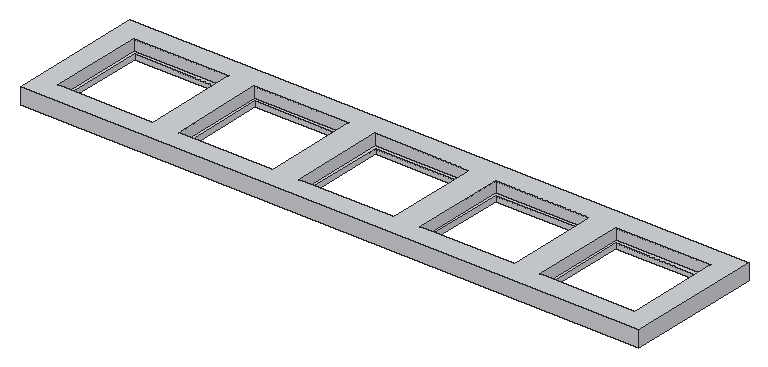
Revit family "Gira_021525", category Electrical Fixtures, host Face, Revit 2017
Family settings
  Host = Face
  Maintain Annotation Orientation = No
  Round Connector Dimension = Use Diameter
  Part Type = Normal
  Cut with Voids When Loaded = No
  Shared = No
  Room Calculation Point = No
Parameters (values of type "Abdeckrahmen 5f Gira E2 F Alu")
  Werkstoffgüte = "Thermoplast"
  Werkstoff = "Kunststoff"
  URL = "http://katalog.gira.de/de_DE/datenblatt.html?artikelnr=021525"
  Transparent = "No"
  Textfeld/Beschriftungsfläche = "No"
  Schutzart (IP) = "IP20"
  Region = "DE"
  Oberfläche = "sonstige"
  Name = "Abdeckrahmen 5f Gira E2 F Alu"
  Montagerichtung = "horizontal und vertikal"
  Mit Montagerahmen = "No"
  Mit Klappdeckel = "No"
  Manufacturer URL = "https://www.gira.de/"
  Keynote = "E2_Rahmen_5fach"
  HeinzeBIM = "https://bimportal.heinze.de/bim/abdeckrahmen-5f-gira-e2-f-alu/e97a1bcb3f97bbfc125278108038146856ff2e92"
  Halogenfrei = "Yes"
  HAN = "021525"
  Geeignet für Unterputz-Installation = "Yes"
  Geeignet für Unterflurkanaldose = "No"
  Geeignet für Geräteeinbaukanal = "No"
  Geeignet für Einbauinstallation = "No"
  GTIN = "4010337215257"
  Farbe = "aluminium"
  Default Elevation = 1219.2 mm
  Data sheet (1) = "https://katalog.gira.de/de_DE/download.html?artikelnr=021525"
  Category = "Abdeckrahmen"
  Befestigungsart = "Klemmbefestigung"
  Available = "Yes"
  Anzahl der Einheiten vertikal = "5 "
  Anzahl der Einheiten horizontal = "5 "
  Anzahl der Einheiten = "5 "
Reference planes
  plane 1 "Center (Front/Back)": y = 0
  plane 2: z = 0
  plane 3 "Center (Left/Right)": x = 0
Forms (mm)
  Extrusion 1, solid, detail levels fine
    sketch origin (0, 0, 0) x (1, 0, 0) y (0, 1, 0)
      loop
        line (183, 40.4) -> (-183, 40.4) -> (-183, -40.4) -> (183, -40.4) -> (183, 40.4)
      loop
        line (114.548, 28.052) -> (114.548, -28.052) -> (170.652, -28.052) -> (170.652, 28.052) -> (114.548, 28.052)
      loop
        line (43.248, 28.052) -> (43.248, -28.052) -> (99.352, -28.052) -> (99.352, 28.052) -> (43.248, 28.052)
      loop
        line (-28.052, 28.052) -> (-28.052, -28.052) -> (28.052, -28.052) -> (28.052, 28.052) -> (-28.052, 28.052)
      loop
        line (-99.352, 28.052) -> (-99.352, -28.052) -> (-43.248, -28.052) -> (-43.248, 28.052) -> (-99.352, 28.052)
      loop
        line (-170.652, 28.052) -> (-170.652, -28.052) -> (-114.548, -28.052) -> (-114.548, 28.052) -> (-170.652, 28.052)
    from 0 to 9.3
  Extrusion 2, solid, detail levels fine
    sketch origin (-142.5, 0, 0) x (1, 0, 0) y (0, 1, 0)
      loop
        line (-28.152, -28.152) -> (28.152, -28.152) -> (28.152, 28.152) -> (-28.152, 28.152) -> (-28.152, -28.152)
      loop
        line (25.9, -25.7) -> (25.9, 25.7) -> (-25.9, 25.7) -> (-25.9, -25.7) -> (25.9, -25.7)
    from 0 to 3
  Extrusion 3, solid, detail levels coarse+medium
    sketch origin (0, 0, 0) x (1, 0, 0) y (0, 1, 0)
      loop
        line (183, 40.4) -> (-183, 40.4) -> (-183, -40.4) -> (183, -40.4) -> (183, 40.4)
    from 0 to 9.3
  Extrusion 4, solid, detail levels fine
    sketch origin (0.1, -0.047, 0) x (1, 0, 0) y (0, 1, 0)
      loop
        line (-28.152, -28.106) -> (28.152, -28.106) -> (28.152, 28.199) -> (-28.152, 28.199) -> (-28.152, -28.106)
      loop
        line (25.9, -25.653) -> (25.9, 25.747) -> (-25.9, 25.747) -> (-25.9, -25.653) -> (25.9, -25.653)
    from 0 to 3
  Extrusion 5, solid, detail levels fine
    sketch origin (142.5, -0.047, 0) x (1, 0, 0) y (0, 1, 0)
      loop
        line (-27.952, -28.006) -> (28.152, -28.006) -> (28.152, 28.099) -> (-27.952, 28.099) -> (-27.952, -28.006)
      loop
        line (26, -25.653) -> (26, 25.747) -> (-25.9, 25.747) -> (-25.9, -25.653) -> (26, -25.653)
    from 0 to 3
  Extrusion 6, solid, detail levels fine
    sketch origin (71.2, -0.047, 0) x (1, 0, 0) y (0, 1, 0)
      loop
        line (-27.952, -28.006) -> (28.152, -28.006) -> (28.152, 28.099) -> (-27.952, 28.099) -> (-27.952, -28.006)
      loop
        line (26, -25.653) -> (26, 25.747) -> (-25.9, 25.747) -> (-25.9, -25.653) -> (26, -25.653)
    from 0 to 3
  Extrusion 7, solid, detail levels fine
    sketch origin (-71.2, -0.047, 0) x (1, 0, 0) y (0, 1, 0)
      loop
        line (-28.152, -28.106) -> (28.152, -28.106) -> (28.152, 28.199) -> (-28.152, 28.199) -> (-28.152, -28.106)
      loop
        line (25.9, -25.653) -> (25.9, 25.747) -> (-25.9, 25.747) -> (-25.9, -25.653) -> (25.9, -25.653)
    from 0 to 3
Dimensions and locks
  aligned and locked: plane 2 to host face
  aligned and locked: level to host face
